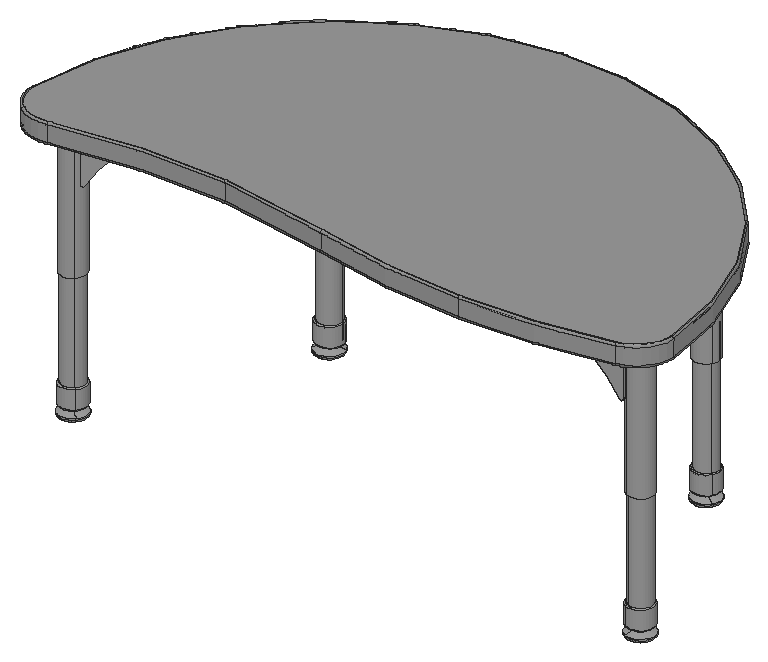
Revit family "Hierarchy Creator ADA Half Round Desk - Youth Height", category Furniture, Revit 2018
Family settings
  Work Plane-Based = No
  Always vertical = Yes
  Cut with Voids When Loaded = No
  Shared = No
  Room Calculation Point = No
Parameters
  Surface = Hierarchy Creator ADA Half Round Desk Youth Surface
  Leg Finish = Hierarchy Leg Platinum
  Edgeband = Hierarchy Creator ADA Half Round Desk Youth Edgeband
  Desk Height = 1' - 4"
  Caster / Glide = Hierarchy Youth Leg - Glide : Hierarchy Youth Leg - Glide
Reference planes (in)
  plane 1 "Center (Front/Back)": y = 0
  plane 2: z = 0
  plane 3 "Center (Left/Right)": x = 0
  plane 4: z = 16
Dimensions and locks (in)
  "Desk Height": plane 4 to level
  aligned and locked: plane 2 to level
  aligned and locked: nested 1 to plane 4
Nested families (in)
  nested 1: "Creator Half Round ADA Desk Tabletop" at (0, 0, 2.97788), type "Creator Half Round ADA Desk Tabletop"
  nested 2: "Hierarchy Youth Leg - Glide" at (-11.40832, 4.80385, 0) x (0.8775, 0.4796, 0) z (0, 0, 1), type <- "Caster / Glide", Leg Finish <- "Leg Finish", Leg Height <- "Desk Height", type "Hierarchy Youth Leg - Glide"
    with Leg Height 1' - 4", Leg Finish Hierarchy Leg Platinum
  nested 3: "Hierarchy Youth Leg - Glide" at (-17.21975, -7.66175, 0) x (-0.7272, 0.6865, 0) z (0, 0, 1), type <- "Caster / Glide", Leg Finish <- "Leg Finish", Leg Height <- "Desk Height", type "Hierarchy Youth Leg - Glide"
    with Leg Height 1' - 4", Leg Finish Hierarchy Leg Platinum
  nested 4: "Hierarchy Youth Leg - Glide" at (17.60127, -7.5233, 0) x (-0.3635, -0.9316, 0) z (0, 0, 1), Leg Finish <- "Leg Finish", Leg Height <- "Desk Height", type "Hierarchy Youth Leg - Glide"
    with Leg Height 1' - 4", Leg Finish Hierarchy Leg Platinum
  nested 5: "Hierarchy Youth Leg - Glide" at (11.78887, 4.80385, 0) x (0.8775, -0.4796, 0) z (0, 0, 1), Leg Finish <- "Leg Finish", Leg Height <- "Desk Height", type "Hierarchy Youth Leg - Glide"
    with Leg Height 1' - 4", Leg Finish Hierarchy Leg Platinum
Definition of nested family "Creator Half Round ADA Desk Tabletop"
  Parameters (values of type "Creator Half Round ADA Desk Tabletop")
    Surface = none
    Edgeband = none
  Reference planes (in)
    plane 1 "Center (Front/Back)": y = 0
    plane 2: z = 0
    plane 3 "Center (Left/Right)": x = 0
  Forms (in)
    Extrusion 1, solid, material <- "Surface"
      sketch origin (0, 0, 0) x (1, 0, 0) y (0, 1, 0)
        loop
          arc (-19.57413, -7.65024) -> (-18.80351, -9.49608) -> (-16.86476, -9.98822) r 2.23765
          arc (-16.86476, -9.98822) -> (-11.76539, -9.22549) -> (-6.60994, -9.14352) r 38.92075
          arc (-6.60994, -9.14352) -> (-3.24637, -9.45509) -> (0.07923, -10.04763) r 40.24571
          arc (0.07923, -10.04763) -> (4.65313, -10.78485) -> (9.28181, -10.98311) r 39.62035
          arc (9.28181, -10.98311) -> (13.6669, -10.66965) -> (17.9875, -9.85745) r 38.43282
          arc (17.9875, -9.85745) -> (19.19987, -9.07862) -> (19.68561, -7.72198) r 2.23664
          arc (19.68561, -7.72198) -> (0.08931, 10.68852) -> (-19.57413, -7.65024) r 19.67278
      from 13.02212 to 14.27206
    Sweep 2, solid, material <- "Edgeband"
      path origin (0, 0, 0) x (1, 0, 0) y (0, 1, 0)
        loop
          arc (19.68561, -7.72198) -> (0.08931, 10.68852) -> (-19.57413, -7.65024) r 19.67278
          arc (-19.57413, -7.65024) -> (-18.80351, -9.49608) -> (-16.86476, -9.98822) r 2.23765
          arc (-16.86476, -9.98822) -> (-11.76539, -9.22549) -> (-6.60994, -9.14352) r 38.92075
          arc (-6.60994, -9.14352) -> (-3.24637, -9.45509) -> (0.07923, -10.04763) r 40.24571
          arc (0.07923, -10.04763) -> (4.65313, -10.78485) -> (9.28181, -10.98311) r 39.62035
          arc (9.28181, -10.98311) -> (13.6669, -10.66965) -> (17.9875, -9.85745) r 38.43282
          arc (17.9875, -9.85745) -> (19.19987, -9.07862) -> (19.68561, -7.72198) r 2.23664
      profile origin (0.08931, 10.68852, 0) x (-0.001827, -0.999998, 0) y (0, 0, 1)
        loop
          line (0, 13.02218) -> (0, 14.27206)
          arc (0, 14.27206) -> (-0.08841, 14.23311) -> (-0.12472, 14.14358) r 0.12854
          line (-0.12472, 14.14358) -> (-0.12472, 13.15066)
          arc (-0.12472, 13.15066) -> (-0.08841, 13.06113) -> (0, 13.02218) r 0.12854
  Dimensions and locks (in)
    aligned and locked: plane 2 to level
Definition of nested family "Hierarchy Youth Leg - Glide"
  Parameters (values of type "Hierarchy Youth Leg - Glide")
    Leg Finish [instance] = none
    Leg Height [instance] = 1' - 4.80117"
  Reference planes (in)
    plane 1 "Center (Front/Back)": y = 0
    plane 2: z = 0
    plane 3 "Center (Left/Right)": x = 0
  Forms (in)
    Extrusion 1, solid
      sketch origin (-0.01562, 0, 0) x (1, 0, 0) y (0, 1, 0)
        loop
          circle (0.01563, 0) r 0.67016
      from 0.67618 to 10.55018
    Revolve 2, solid
      sketch origin (0, 0, 0) x (1, 0, 0) y (0, 0, 1)
        loop
          line (-0.73189, 1.80118) -> (-0.79439, 1.73867) -> (-0.79439, 0.61381) -> (-0.73176, 0.55118) -> (-0.125, 0.55118) -> (-0.125, 0.42618) -> (-0.84656, 0.16241) -> (-0.84656, 0.08994) -> (-0.81359, 0) -> (0, 0) -> (0, 1.80118) -> (-0.73189, 1.80118)
        axis (0, 1.80118) -> (0, 0)
      angle from 0 to 360
  Dimensions and locks (in)
    "Leg Height": nested 1 to level  (x2)
    aligned and locked: plane 2 to level
  Automatic sketch dimensions
    plane 1 "Center (Front/Back)" to Extrusion 1 sketch curve = 0' - 0"
    Extrusion 1 sketch curve to plane 3 "Center (Left/Right)" = 0' - 0"
    Revolve 2 sketch curve to level = 0' - 0"
    Revolve 2 sketch curve to plane 3 "Center (Left/Right)" = 0' - 0"  (x2)
    Revolve 2 sketch curve to plane 3 "Center (Left/Right)" = 0' - 0 1/8"
    Revolve 2 sketch curve to Revolve 2 sketch curve = 0' - 0.60676"
    Revolve 2 sketch curve to Revolve 2 sketch curve = 0' - 0.73189"
    Revolve 2 sketch curve to Revolve 2 sketch curve = 0' - 0.06263"  (x2)
    Revolve 2 sketch curve to Revolve 2 sketch curve = 0' - 0.08183"
    Revolve 2 sketch curve to Revolve 2 sketch curve = 0' - 0.03297"
    level to Revolve 2 sketch curve = 0' - 0.08994"
    Revolve 2 sketch curve to Revolve 2 sketch curve = 0' - 0.07247"
    level to Revolve 2 sketch curve = 0' - 0.42618"
    Revolve 2 sketch curve to Revolve 2 sketch curve = 0' - 0 1/8"
    Revolve 2 sketch curve to Revolve 2 sketch curve = 0' - 1.12486"
    Revolve 2 sketch curve to Revolve 2 sketch curve = 0' - 0 1/16"
    Revolve 2 sketch curve to level = 2' - 0"
    Revolve 2 sketch curve to Revolve 2 sketch curve = 8' - 4.91764"
    radius of Extrusion 1 sketch curve = 0' - 0.67016"
  Nested families (in)
    nested 1: "Hierarchy Youth Upper Leg 2023" at (0, 0, 0), Leg Finish <- "Leg Finish", type "Hierarchy Youth Upper Leg 2023"
      with Leg Finish none
  Definition of nested family "Hierarchy Youth Upper Leg 2023"
    Parameters (values of type "Hierarchy Youth Upper Leg 2023")
      Leg Finish [instance] = none
    Reference planes (in)
      plane 1 "Center (Front/Back)": y = 0
      plane 2: z = 0
      plane 3 "Center (Left/Right)": x = 0
    Forms (in)
      Extrusion 1, solid, material <- "Leg Finish"
        sketch origin (0, 0, -11.001) x (1, 0, 0) y (0, 1, 0)
          loop
            circle (0, 0) r 0.75
        from 19.67618 to 27.67618
      Extrusion 2, solid, material <- "Leg Finish"
        sketch origin (0, 0, -11.001) x (1, 0, 0) y (0, 1, 0)
          loop
            line (-1.70174, 0.19183) -> (-2.88626, -2.26116)
            arc (-2.88626, -2.26116) -> (-2.83993, -3.09822) -> (-2.1063, -3.50394) r 0.86614
            line (-2.1063, -3.50394) -> (2.1063, -3.50394)
            arc (2.1063, -3.50394) -> (2.83993, -3.09822) -> (2.88626, -2.26116) r 0.86614
            line (2.88626, -2.26116) -> (1.70174, 0.19183)
            arc (1.70174, 0.19183) -> (0, 1.25984) -> (-1.70174, 0.19183) r 1.88976
        from 27.67618 to 27.80217
      Extrusion 3, solid, material <- "Leg Finish"
        sketch origin (-1.48519, 8.66524, -11.001) x (-0.434844, 0.900506, 0) y (0, 0, 1)
          loop
            line (-9.01425, 27.67618) -> (-11.80952, 27.67618)
            arc (-11.80952, 27.67618) -> (-11.92325, 27.58993) -> (-11.87088, 27.45715) r 0.11811
            arc (-11.87088, 27.45715) -> (-10.39364, 26.29679) -> (-9.23328, 24.81955) r 7.87402
            arc (-9.23328, 24.81955) -> (-9.1005, 24.76717) -> (-9.01425, 24.88091) r 0.11811
            line (-9.01425, 24.88091) -> (-9.01425, 27.67618)
        from -1.94075 to -1.81476
      Extrusion 4, solid, material <- "Leg Finish"
        sketch origin (1.48519, 8.66524, -11.001) x (0.434844, 0.900506, 0) y (0, 0, -1)
          loop
            line (-9.01425, -27.67618) -> (-9.01425, -24.88091)
            arc (-9.01425, -24.88091) -> (-9.1005, -24.76717) -> (-9.23328, -24.81955) r 0.11811
            arc (-9.23328, -24.81955) -> (-10.39364, -26.29679) -> (-11.87088, -27.45715) r 7.87402
            arc (-11.87088, -27.45715) -> (-11.92325, -27.58993) -> (-11.80952, -27.67618) r 0.11811
            line (-11.80952, -27.67618) -> (-9.01425, -27.67618)
        from -1.94075 to -1.81476
    Dimensions and locks (in)
      aligned and locked: plane 2 to level
